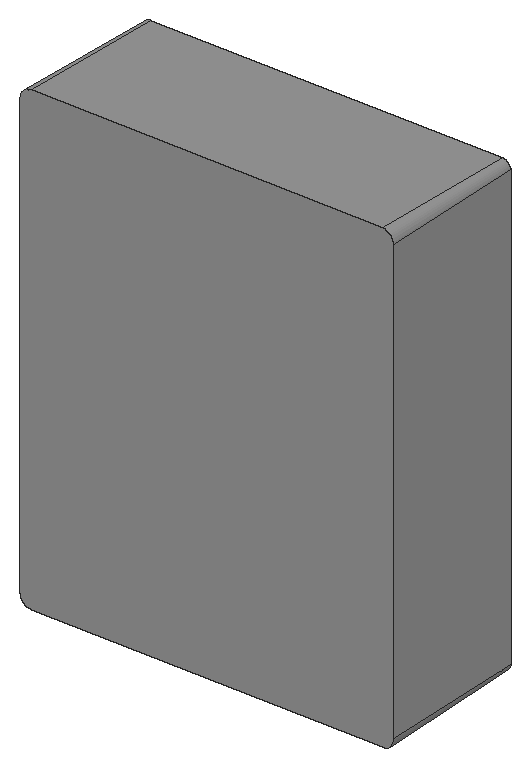
Revit family "L&L_LUCE&LIGHT_PASITO_MINI_1.2", category Lighting Fixtures, host Wall, Revit 2018 (continued)
Types (2, lengths in cm): name | Photometric Web File | built-in parameter 1150142
  PASITO_MINI_1.2 – Asymmetrical 90°x150° | "PASITO MINI 1.2 AT 150°x90° [2700K 5W 24Vdc] cor-ten.IES" | "IESNA:LM-63-2002\r\n[TEST] PASITO 20181005-0815.LDT\r\n[TESTLAB] L&L\r\n[TESTDATE] 5 Oct 2018\r\n[ISSUEDATE] 5 Oct 2018\r\n[MANUFAC] L&L\r\n[LUMCAT] PASITO MINI 1.2 AT 150°x90° [2700K 5W 24Vdc] cor-ten\r\n[LUMINAIRE] PASITO MINI 1.2 AT 150°x90° [2700K 5W 24Vdc] cor-ten\r\n[FLASHAREA] 0.000015\r\n[LAMPCAT] Power LED\r\n[LAMP] Power LED\r\nTILT=NONE\r\n1 144.00 1.0 181 73 1 2 0.002 0.030 0.000\r\n1.00 1.00 5.00\r\n0.00 1.00 2.00 3.00 4.00 5.00 6.00 7.00 8.00 9.00 10.00 \r\n11.00 12.00 13.00 14.00 15.00 16.00 17.00 18.00 19.00 \r\n20.00 21.00 22.00 23.00 24.00 25.00 26.00 27.00 28.00 \r\n29.00 30.00 31.00 32.00 33.00 34.00 35.00 36.00 37.00 \r\n38.00 39.00 40.00 41.00 42.00 43.00 44.00 45.00 46.00 \r\n47.00 48.00 49.00 50.00 51.00 52.00 53.00 54.00 55.00 \r\n56.00 57.00 58.00 59.00 60.00 61.00 62.00 63.00 64.00 \r\n65.00 66.00 67.00 68.00 69.00 70.00 71.00 72.00 73.00 \r\n74.00 75.00 76.00 77.00 78.00 79.00 80.00 81.00 82.00 \r\n83.00 84.00 85.00 86.00 87.00 88.00 89.00 90.00 91.00 \r\n92.00 93.00 94.00 95.00 96.00 97.00 98.00 99.00 100.00 \r\n101.00 102.00 103.00 104.00 105.00 106.00 107.00 108.00 \r\n109.00 110.00 111.00 112.00 113.00 114.00 115.00 116.00 \r\n117.00 118.00 119.00 120.00 121.00 122.00 123.00 124.00 \r\n125.00 126.00 127.00 128.00 129.00 130.00 131.00 132.00 \r\n133.00 134.00 135.00 136.00 137.00 138.00 139.00 140.00 \r\n141.00 142.00 143.00 144.00 145.00 146.00 147.00 148.00 \r\n149.00 150.00 151.00 152.00 153.00 154.00 155.00 156.00 \r\n157.00 158.00 159.00 160.00 161.00 162.00 163.00 164.00 \r\n165.00 166.00 167.00 168.00 169.00 170.00 171.00 172.00 \r\n173.00 174.00 175.00 176.00 177.00 178.00 179.00 180.00 \r\n0.00 5.00 10.00 15.00 20.00 25.00 30.00 35.00 40.00 45.00 \r\n50.00 55.00 60.00 65.00 70.00 75.00 80.00 85.00 90.00 \r\n95.00 100.00 105.00 110.00 115.00 120.00 125.00 130.00 \r\n135.00 140.00 145.00 150.00 155.00 160.00 165.00 170.00 \r\n175.00 180.00 185.00 190.00 195.00 200.00 205.00 210.00 \r\n215.00 220.00 225.00 230.00 235.00 240.00 245.00 250.00 \r\n255.00 260.00 265.00 270.00 275.00 280.00 285.00 290.00 \r\n295.00 300.00 305.00 310.00 315.00 320.00 325.00 330.00 \r\n335.00 340.00 345.00 350.00 355.00 360.00 \r\n0.00 0.00 0.00 0.00 0.00 0.00 0.00 0.00 0.00 0.00 0.00 \r\n0.00 0.00 0.00 0.00 0.00 0.00 0.00 0.00 0.00 0.00 0.00 \r\n0.00 0.00 0.00 0.00 0.00 0.00 0.00 0.00 0.00 0.00 0.00 \r\n0.00 0.00 0.00 0.00 0.00 0.00 0.00 0.00 0.00 0.00 0.00 \r\n0.00 0.00 0.00 0.00 0.00 0.00 0.00 0.00 0.00 0.00 0.00 \r\n0.00 0.00 0.00 0.00 0.00 0.00 0.00 0.00 0.00 0.00 0.00 \r\n0.00 0.00 0.00 0.00 0.00 0.00 0.00 0.00 0.00 0.00 0.00 \r\n0.00 0.00 0.00 0.00 0.00 0.00 0.00 0.00 0.00 0.01 0.01 \r\n0.01 0.01 0.01 0.01 0.01 0.01 0.01 0.01 0.01 0.01 0.01 \r\n0.01 0.01 0.01 0.01 0.01 0.01 0.01 0.01 0.01 0.00 0.00 \r\n0.00 0.00 0.00 0.00 0.00 0.00 0.00 0.00 0.00 0.00 0.00 \r\n0.00 0.00 0.00 0.00 0.00 0.00 0.00 0.00 0.00 0.00 0.00 \r\n0.00 0.00 0.00 0.00 0.00 0.00 0.00 0.00 0.00 0.00 0.00 \r\n0.00 0.00 0.00 0.00 0.00 0.00 0.00 0.00 0.00 0.00 0.00 \r\n0.00 0.00 0.00 0.00 0.00 0.00 0.00 0.00 0.00 0.00 0.00 \r\n0.00 0.00 0.00 0.00 0.00 0.00 0.00 0.00 0.00 0.00 0.00 \r\n0.00 0.00 0.00 0.00 0.00 \r\n0.00 0.00 0.00 0.00 0.00 0.00 0.00 0.00 0.00 0.00 0.00 \r\n0.00 0.00 0.00 0.00 0.00 0.00 0.00 0.00 0.00 0.00 0.00 \r\n0.00 0.00 0.00 0.00 0.00 0.00 0.00 0.00 0.00 0.00 0.00 \r\n0.00 0.00 0.00 0.00 0.00 0.00 0.00 0.00 0.00 0.00 0.00 \r\n0.00 0.00 0.00 0.00 0.00 0.00 0.00 0.00 0.00 0.00 0.00 \r\n0.00 0.00 0.00 0.00 0.00 0.00 0.00 0.00 0.00 0.00 0.00 \r\n0.00 0.00 0.00 0.00 0.00 0.00 0.00 0.00 0.00 0.00 0.00 \r\n0.00 0.00 0.00 0.00 0.00 0.00 0.00 0.00 0.00 0.00 0.00 \r\n0.00 0.00 0.00 0.00 0.00 0.00 0.00 0.00 0.00 0.00 0.00 \r\n0.00 0.00 0.00 0.00 0.00 0.00 0.00 0.00 0.00 0.00 0.00 \r\n0.00 0.00 0.00 0.00 0.00 0.00 0.00 0.00 0.00 0.00 0.00 \r\n0.00 0.00 0.00 0.00 0.00 0.00 0.00 0.00 0.00 0.00 0.00 \r\n0.00 0.00 0.00 0.00 0.00 0.00 0.00 0.00 0.00 0.00 0.00 \r\n0.00 0.00 0.00 0.00 0.00 0.00 0.00 0.00 0.00 0.00 0.00 \r\n0.00 0.00 0.00 0.00 0.00 0.00 0.00 0.00 0.00 0.00 0.00 \r\n0.00 0.00 0.00 0.00 0.00 0.00 0.00 0.00 0.00 0.00 0.00 \r\n0.00 0.00 0.00 0.00 0.00 \r\n0.00 0.00 0.00 0.00 0.00 0.00 0.00 0.00 0.00 0.00 0.00 \r\n0.00 0.00 0.00 0.00 0.00 0.00 0.00 0.00 0.00 0.00 0.00 \r\n0.00 0.00 0.00 0.00 0.00 0.00 0.00 0.00 0.00 0.00 0.00 \r\n0.00 0.00 0.00 0.00 0.00 0.00 0.00 0.00 0.00 0.00 0.00 \r\n0.00 0.00 0.00 0.00 0.00 0.00 0.00 0.00 0.00 0.00 0.00 \r\n0.00 0.00 0.00 0.00 0.00 0.00 0.00 0.00 0.00 0.00 0.00 \r\n0.00 0.00 0.00 0.00 0.00 0.00 0.00 0.00 0.00 0.00 0.00 \r\n0.00 0.00 0.00 0.00 0.00 0.00 0.00 0.00 0.00 0.00 0.00 \r\n0.00 0.00 0.00 0.00 0.00 0.00 0.00 0.00 0.00 0.00 0.00 \r\n0.00 0.00 0.00 0.00 0.00 0.00 0.00 0.00 0.00 0.00 0.00 \r\n0.00 0.00 0.00 0.00 0.00 0.00 0.00 0.00 0.00 0.00 0.00 \r\n0.00 0.00 0.00 0.00 0.00 0.00 0.00 0.00 0.00 0.00 0.00 \r\n0.00 0.00 0.00 0.00 0.00 0.00 0.00 0.00 0.00 0.00 0.00 \r\n0.00 0.00 0.00 0.00 0.00 0.00 0.00 0.00 0.00 0.00 0.00 \r\n0.00 0.00 0.00 0.00 0.00 0.00 0.00 0.00 0.00 0.00 0.00 \r\n0.00 0.00 0.00 0.00 0.00 0.00 0.00 0.00 0.00 0.00 0.00 \r\n0.00 0.00 0.00 0.00 0.00 \r\n0.00 0.00 0.00 0.00 0.00 0.00 0.00 0.00 0.00 0.00 0.00 \r\n0.00 0.00 0.00 0.00 0.00 0.00 0.00 0.00 0.00 0.00 0.00 \r\n0.00 0.00 0.00 0.00 0.00 0.00 0.00 0.00 0.00 0.00 0.00 \r\n0.00 0.00 0.00 0.00 0.00 0.00 0.00 0.00 0.00 0.00 0.00 \r\n0.00 0.00 0.00 0.00 0.00 0.00 0.00 0.00 0.00 0.00 0.00 \r\n0.00 0.00 0.00 0.00 0.00 0.00 0.00 0.00 0.00 0.00 0.00 \r\n0.00 0.00 0.00 0.00 0.00 0.00 0.00 0.00 0.00 0.00 0.00 \r\n0.00 0.00 0.00 0.00 0.00 0.00 0.00 0.00 0.00 0.00 0.00 \r\n0.00 0.00 0.00 0.00 0.00 0.00 0.00 0.00 0.00 0.00 0.00 \r\n0.00 0.00 0.00 0.00 0.00 0.00 0.00 0.00 0.00 0.00 0.00 \r\n0.00 0.00 0.00 0.00 0.00 0.00 0.00 0.00 0.00 0.00 0.00 \r\n0.00 0.00 0.00 0.00 0.00 0.00 0.00 0.00 0.00 0.00 0.00 \r\n0.00 0.00 0.00 0.00 0.00 0.00 0.00 0.00 0.00 0.00 0.00 \r\n0.00 0.00 0.00 0.00 0.00 0.00 0.00 0.00 0.00 0.00 0.00 \r\n0.00 0.00 0.00 0.00 0.00 0.00 0.00 0.00 0.00 0.00 0.00 \r\n0.00 0.00 0.00 0.00 0.00 0.00 0.00 0.00 0.00 0.00 0.00 \r\n0.00 0.00 0.00 0.00 0.00 \r\n0.00 0.00 0.00 0.00 0.00 0.00 0.00 0.00 0.00 0.00 0.00 \r\n0.00 0.00 0.00 0.00 0.00 0.00 0.00 0.00 0.00 0.00 0.00 \r\n0.00 0.00 0.00 0.00 0.00 0.00 0.00 0.00 0.00 0.00 0.00 \r\n0.00 0.00 0.00 0.00 0.00 0.00 0.00 0.00 0.00 0.00 0.00 \r\n0.00 0.00 0.00 0.00 0.00 0.00 0.00 0.00 0.00 0.00 0.00 \r\n0.00 0.00 0.00 0.00 0.00 0.00 0.00 0.00 0.00 0.00 0.00 \r\n0.00 0.00 0.00 0.00 0.00 0.00 0.00 0.00 0.00 0.00 0.00 \r\n0.00 0.00 0.00 0.00 0.00 0.00 0.00 0.00 0.00 0.00 0.00 \r\n0.00 0.00 0.00 0.00 0.00 0.00 0.00 0.00 0.00 0.00 0.00 \r\n0.00 0.00 0.00 0.00 0.00 0.00 0.00 0.00 0.00 0.00 0.00 \r\n0.00 0.00 0.00 0.00 0.00 0.00 0.00 0.00 0.00 0.00 0.00 \r\n0.00 0.00 0.00 0.00 0.00 0.00 0.00 0.00 0.00 0.00 0.00 \r\n0.00 0.00 0.00 0.00 0.00 0.00 0.00 0.00 0.00 0.00 0.00 \r\n0.00 0.00 0.00 0.00 0.00 0.00 0.00 0.00 0.00 0.00 0.00 \r\n0.00 0.00 0.00 0.00 0.00 0.00 0.00 0.00 0.00 0.00 0.00 \r\n0.00 0.00 0.00 0.00 0.00 0.00 0.00 0.00 0.00 0.00 0.00 \r\n0.00 0.00 0.00 0.00 0.00 \r\n0.00 0.00 0.00 0.00 0.00 0.00 0.00 0.00 0.00 0.00 0.00 \r\n0.00 0.00 0.00 0.00 0.00 0.00 0.00 0.00 0.00 0.00 0.00 \r\n0.00 0.00 0.00 0.00 0.00 0.00 0.00 0.00 0.00 0.00 0.00 \r\n0.00 0.00 0.00 0.00 0.00 0.00 0.00 0.00 0.00 0.00 0.00 \r\n0.00 0.00 0.00 0.00 0.00 0.00 0.00 0.00 0.00 0.00 0.00 \r\n0.00 0.00 0.00 0.00 0.00 0.00 0.00 0.00 0.00 0.00 0.00 \r\n0.00 0.00 0.00 0.00 0.00 0.00 0.00 0.00 0.00 0.00 0.00 \r\n0.00 0.00 0.00 0.00 0.00 0.00 0.00 0.00 0.00 0.00 0.00 \r\n0.00 0.00 0.00 0.00 0.00 0.00 0.00 0.00 0.00 0.00 0.00 \r\n0.00 0.00 0.00 0.00 0.00 0.00 0.00 0.00 0.00 0.00 0.00 \r\n0.00 0.00 0.00 0.00 0.00 0.00 0.00 0.00 0.00 0.00 0.00 \r\n0.00 0.00 0.00 0.00 0.00 0.00 0.00 0.00 0.00 0.00 0.00 \r\n0.00 0.00 0.00 0.00 0.00 0.00 0.00 0.00 0.00 0.00 0.00 \r\n0.00 0.00 0.00 0.00 0.00 0.00 0.00 0.00 0.00 0.00 0.00 \r\n0.00 0.00 0.00 0.00 0.00 0.00 0.00 0.00 0.00 0.00 0.00 \r\n0.00 0.00 0.00 0.00 0.00 0.00 0.00 0.00 0.00 0.00 0.00 \r\n0.00 0.00 0.00 0.00 0.00 \r\n0.00 0.00 0.00 0.00 0.00 0.00 0.00 0.00 0.00 0.00 0.00 \r\n0.00 0.00 0.00 0.00 0.00 0.00 0.00 0.00 0.00 0.00 0.00 \r\n0.00 0.00 0.00 0.00 0.00 0.00 0.00 0.00 0.00 0.00 0.00 \r\n0.00 0.00 0.00 0.00 0.00 0.00 0.00 0.00 0.00 0.00 0.00 \r\n0.00 0.00 0.00 0.00 0.00 0.00 0.00 0.00 0.00 0.00 0.00 \r\n0.00 0.00 0.00 0.00 0.00 0.00 0.00 0.00 0.00 0.00 0.00 \r\n0.00 0.00 0.00 0.00 0.00 0.00 0.00 0.00 0.00 0.00 0.00 \r\n0.00 0.00 0.00 0.00 0.00 0.00 0.00 0.00 0.00 0.00 0.00 \r\n0.00 0.00 0.00 0.00 0.00 0.00 0.00 0.00 0.00 0.00 0.00 \r\n0.00 0.00 0.00 0.00 0.00 0.00 0.00 0.00 0.00 0.00 0.00 \r\n0.00 0.00 0.00 0.00 0.00 0.00 0.00 0.00 0.00 0.00 0.00 \r\n0.00 0.00 0.00 0.00 0.00 0.00 0.00 0.00 0.00 0.00 0.00 \r\n0.00 0.00 0.00 0.00 0.00 0.00 0.00 0.00 0.00 0.00 0.00 \r\n0.00 0.00 0.00 0.00 0.00 0.00 0.00 0.00 0.00 0.00 0.00 \r\n0.00 0.00 0.00 0.00 0.00 0.00 0.00 0.00 0.00 0.00 0.00 \r\n0.00 0.00 0.00 0.00 0.00 0.00 0.00 0.00 0.00 0.00 0.00 \r\n0.00 0.00 0.00 0.00 0.00 \r\n0.00 0.00 0.00 0.00 0.00 0.00 0.00 0.00 0.00 0.00 0.00 \r\n0.00 0.00 0.00 0.00 0.00 0.00 0.00 0.00 0.00 0.00 0.00 \r\n0.00 0.00 0.00 0.00 0.00 0.00 0.00 0.00 0.00 0.00 0.00 \r\n0.00 0.00 0.00 0.00 0.00 0.00 0.00 0.00 0.00 0.00 0.00 \r\n0.00 0.00 0.00 0.00 0.00 0.00 0.00 0.00 0.00 0.00 0.00 \r\n0.00 0.00 0.00 0.00 0.00 0.00 0.00 0.00 0.00 0.00 0.00 \r\n0.00 0.00 0.00 0.00 0.00 0.00 0.00 0.00 0.00 0.00 0.00 \r\n0.00 0.00 0.00 0.00 0.00 0.00 0.00 0.00 0.00 0.00 0.00 \r\n0.00 0.00 0.00 0.00 0.00 0.00 0.00 0.00 0.00 0.00 0.00 \r\n0.00 0.00 0.00 0.00 0.00 0.00 0.00 0.00 0.00 0.00 0.00 \r\n0.00 0.00 0.00 0.00 0.00 0.00 0.00 0.00 0.00 0.00 0.00 \r\n0.00 0.00 0.00 0.00 0.00 0.00 0.00 0.00 0.00 0.00 0.00 \r\n0.00 0.00 0.00 0.00 0.00 0.00 0.00 0.00 0.00 0.00 0.00 \r\n0.00 0.00 0.00 0.00 0.00 0.00 0.00 0.00 0.00 0.00 0.00 \r\n0.00 0.00 0.00 0.00 0.00 0.00 0.00 0.00 0.00 0.00 0.00 \r\n0.00 0.00 0.00 0.00 0.00 0.00 0.00 0.00 0.00 0.00 0.00 \r\n0.00 0.00 0.00 0.00 0.00 \r\n0.00 0.00 0.00 0.00 0.00 0.00 0.00 0.00 0.00 0.00 0.00 \r\n0.00 0.00 0.00 0.00 0.00 0.00 0.00 0.00 0.00 0.00 0.00 \r\n0.00 0.00 0.00 0.00 0.00 0.00 0.00 0.00 0.00 0.00 0.00 \r\n0.00 0.00 0.00 0.00 0.00 0.00 0.00 0.00 0.00 0.00 0.00 \r\n0.00 0.00 0.00 0.00 0.00 0.00 0.00 0.00 0.00 0.00 0.00 \r\n0.00 0.00 0.00 0.00 0.00 0.00 0.00 0.00 0.00 0.00 0.00 \r\n0.00 0.00 0.00 0.00 0.00 0.00 0.00 0.00 0.00 0.00 0.00 \r\n0.00 0.00 0.00 0.00 0.00 0.00 0.00 0.00 0.00 0.00 0.00 \r\n0.00 0.00 0.00 0.00 0.00 0.00 0.00 0.00 0.00 0.00 0.00 \r\n0.00 0.00 0.00 0.00 0.00 0.00 0.00 0.00 0.00 0.00 0.00 \r\n0.00 0.00 0.00 0.00 0.00 0.00 0.00 0.00 0.00 0.00 0.00 \r\n0.00 0.00 0.00 0.00 0.00 0.00 0.00 0.00 0.00 0.00 0.00 \r\n0.00 0.00 0.00 0.00 0.00 0.00 0.00 0.00 0.00 0.00 0.00 \r\n0.00 0.00 0.00 0.00 0.00 0.00 0.00 0.00 0.00 0.00 0.00 \r\n0.00 0.00 0.00 0.00 0.00 0.00 0.00 0.00 0.00 0.00 0.00 \r\n0.00 0.00 0.00 0.00 0.00 0.00 0.00 0.00 0.00 0.00 0.00 \r\n0.00 0.00 0.00 0.00 0.00 \r\n0.00 0.00 0.00 0.00 0.00 0.00 0.00 0.00 0.00 0.00 0.00 \r\n0.00 0.00 0.00 0.00 0.00 0.00 0.00 0.00 0.00 0.00 0.00 \r\n0.00 0.00 0.00 0.00 0.00 0.00 0.00 0.00 0.00 0.00 0.00 \r\n0.00 0.00 0.00 0.00 0.00 0.00 0.00 0.00 0.00 0.00 0.00 \r\n0.00 0.00 0.00 0.00 0.00 0.00 0.00 0.00 0.00 0.00 0.00 \r\n0.00 0.00 0.00 0.00 0.00 0.00 0.00 0.00 0.00 0.00 0.00 \r\n0.00 0.00 0.00 0.00 0.00 0.00 0.00 0.00 0.00 0.00 0.00 \r\n0.00 0.00 0.00 0.00 0.00 0.00 0.00 0.00 0.00 0.00 0.00 \r\n0.00 0.00 0.00 0.00 0.00 0.00 0.00 0.00 0.00 0.00 0.00 \r\n0.00 0.00 0.00 0.00 0.00 0.00 0.00 0.00 0.00 0.00 0.00 \r\n0.00 0.00 0.00 0.00 0.00 0.00 0.00 0.00 0.00 0.00 0.00 \r\n0.00 0.00 0.00 0.00 0.00 0.00 0.00 0.00 0.00 0.00 0.00 \r\n0.00 0.00 0.00 0.00 0.00 0.00 0.00 0.00 0.00 0.00 0.00 \r\n0.00 0.00 0.00 0.00 0.00 0.00 0.00 0.00 0.00 0.00 0.00 \r\n0.00 0.00 0.00 0.00 0.00 0.00 0.00 0.00 0.00 0.00 0.00 \r\n0.00 0.00 0.00 0.00 0.00 0.00 0.00 0.00 0.00 0.00 0.00 \r\n0.00 0.00 0.00 0.00 0.00 \r\n0.00 0.00 0.00 0.00 0.00 0.00 0.00 0.00 0.00 0.00 0.00 \r\n0.00 0.00 0.00 0.00 0.00 0.00 0.00 0.00 0.00 0.00 0.00 \r\n0.00 0.00 0.00 0.00 0.00 0.00 0.00 0.00 0.00 0.00 0.00 \r\n0.00 0.00 0.00 0.00 0.00 0.00 0.00 0.00 0.00 0.00 0.00 \r\n0.00 0.00 0.00 0.00 0.00 0.00 0.00 0.00 0.00 0.00 0.00 \r\n0.00 0.00 0.00 0.00 0.00 0.00 0.00 0.00 0.00 0.00 0.00 \r\n0.00 0.00 0.00 0.00 0.00 0.00 0.00 0.00 0.00 0.00 0.00 \r\n0.00 0.00 0.00 0.00 0.00 0.00 0.00 0.00 0.00 0.00 0.00 \r\n0.00 0.00 0.00 0.00 0.00 0.00 0.00 0.00 0.00 0.00 0.00 \r\n0.00 0.00 0.00 0.00 0.00 0.00 0.00 0.00 0.00 0.00 0.00 \r\n0.00 0.00 0.00 0.00 0.00 0.00 0.00 0.00 0.00 0.00 0.00 \r\n0.00 0.00 0.00 0.00 0.00 0.00 0.00 0.00 0.00 0.00 0.00 \r\n0.00 0.00 0.00 0.00 0.00 0.00 0.00 0.00 0.00 0.00 0.00 \r\n0.00 0.00 0.00 0.00 0.00 0.00 0.00 0.00 0.00 0.00 0.00 \r\n0.00 0.00 0.00 0.00 0.00 0.00 0.00 0.00 0.00 0.00 0.00 \r\n0.00 0.00 0.00 0.00 0.00 0.00 0.00 0.00 0.00 0.00 0.00 \r\n0.00 0.00 0.00 0.00 0.00 \r\n0.00 0.00 0.00 0.00 0.00 0.00 0.00 0.00 0.00 0.00 0.00 \r\n0.00 0.00 0.00 0.00 0.00 0.00 0.00 0.00 0.00 0.00 0.00 \r\n0.00 0.00 0.00 0.00 0.00 0.00 0.00 0.00 0.00 0.00 0.00 \r\n0.00 0.00 0.00 0.00 0.00 0.00 0.00 0.00 0.00 0.00 0.00 \r\n0.00 0.00 0.00 0.00 0.00 0.00 0.00 0.00 0.00 0.00 0.00 \r\n0.00 0.00 0.00 0.00 0.00 0.00 0.00 0.00 0.00 0.00 0.00 \r\n0.00 0.00 0.00 0.00 0.00 0.00 0.00 0.00 0.00 0.00 0.00 \r\n0.00 0.00 0.00 0.00 0.00 0.00 0.00 0.00 0.00 0.00 0.00 \r\n0.00 0.00 0.00 0.00 0.00 0.00 0.00 0.00 0.00 0.00 0.00 \r\n0.00 0.00 0.00 0.00 0.00 0.00 0.00 0.00 0.00 0.00 0.00 \r\n0.00 0.00 0.00 0.00 0.00 0.00 0.00 0.00 0.00 0.00 0.00 \r\n0.00 0.00 0.00 0.00 0.00 0.00 0.00 0.00 0.00 0.00 0.00 \r\n0.00 0.00 0.00 0.00 0.00 0.00 0.00 0.00 0.00 0.00 0.00 \r\n0.00 0.00 0.00 0.00 0.00 0.00 0.00 0.00 0.00 0.00 0.00 \r\n0.00 0.00 0.00 0.00 0.00 0.00 0.00 0.00 0.00 0.00 0.00 \r\n0.00 0.00 0.00 0.00 0.00 0.00 0.00 0.00 0.00 0.00 0.00 \r\n0.00 0.00 0.00 0.00 0.00 \r\n0.00 0.00 0.00 0.00 0.00 0.00 0.00 0.00 0.00 0.00 0.00 \r\n0.00 0.00 0.00 0.00 0.00 0.00 0.00 0.00 0.00 0.00 0.00 \r\n0.00 0.00 0.00 0.00 0.00 0.00 0.00 0.00 0.00 0.00 0.00 \r\n0.00 0.00 0.00 0.00 0.00 0.00 0.00 0.00 0.00 0.00 0.00 \r\n0.00 0.00 0.00 0.00 0.00 0.00 0.00 0.00 0.00 0.00 0.00 \r\n0.00 0.00 0.00 0.00 0.00 0.00 0.00 0.00 0.00 0.00 0.00 \r\n0.00 0.00 0.00 0.00 0.00 0.00 0.00 0.00 0.00 0.00 0.00 \r\n0.00 0.00 0.00 0.00 0.00 0.00 0.00 0.00 0.00 0.00 0.00 \r\n0.00 0.00 0.00 0.00 0.00 0.00 0.00 0.00 0.00 0.00 0.00 \r\n0.00 0.00 0.00 0.00 0.00 0.00 0.00 0.00 0.00 0.00 0.00 \r\n0.00 0.00 0.00 0.00 0.00 0.00 0.00 0.00 0.00 0.00 0.00 \r\n0.00 0.00 0.00 0.00 0.00 0.00 0.00 0.00 0.00 0.00 0.00 \r\n0.00 0.00 0.00 0.00 0.00 0.00 0.00 0.00 0.00 0.00 0.00 \r\n0.00 0.00 0.00 0.00 0.00 0.00 0.00 0.00 0.00 0.00 0.00 \r\n0.00 0.00 0.00 0.00 0.00 0.00 0.00 0.00 0.00 0.00 0.00 \r\n0.00 0.00 0.00 0.00 0.00 0.00 0.00 0.00 0.00 0.00 0.00 \r\n0.00 0.00 0.00 0.00 0.00 \r\n0.00 0.00 0.00 0.00 0.00 0.00 0.00 0.00 0.00 0.00 0.00 \r\n0.00 0.00 0.00 0.00 0.00 0.00 0.00 0.00 0.00 0.00 0.00 \r\n0.00 0.00 0.00 0.00 0.00 0.00 0.00 0.00 0.00 0.00 0.00 \r\n0.00 0.00 0.00 0.00 0.00 0.00 0.00 0.00 0.00 0.00 0.00 \r\n0.00 0.00 0.00 0.00 0.00 0.00 0.00 0.00 0.00 0.00 0.00 \r\n0.00 0.00 0.00 0.00 0.00 0.00 0.00 0.00 0.00 0.00 0.00 \r\n0.00 0.00 0.00 0.00 0.00 0.00 0.00 0.00 0.00 0.00 0.00 \r\n0.00 0.00 0.00 0.00 0.00 0.00 0.00 0.00 0.00 0.00 0.00 \r\n0.00 0.00 0.00 0.00 0.00 0.00 0.00 0.00 0.00 0.00 0.00 \r\n0.00 0.00 0.00 0.00 0.00 0.00 0.00 0.00 0.00 0.00 0.00 \r\n0.00 0.00 0.00 0.00 0.00 0.00 0.00 0.00 0.00 0.00 0.00 \r\n0.00 0.00 0.00 0.00 0.00 0.00 0.00 0.00 0.00 0.00 0.00 \r\n0.00 0.00 0.00 0.00 0.00 0.00 0.00 0.00 0.00 0.00 0.00 \r\n0.00 0.00 0.00 0.00 0.00 0.00 0.00 0.00 0.00 0.00 0.00 \r\n0.00 0.00 0.00 0.00 0.00 0.00 0.00 0.00 0.00 0.00 0.00 \r\n0.00 0.00 0.00 0.00 0.00 0.00 0.00 0.00 0.00 0.00 0.00 \r\n0.00 0.00 0.00 0.00 0.00 \r\n0.00 0.00 0.00 0.00 0.00 0.00 0.00 0.00 0.00 0.00 0.00 \r\n0.00 0.00 0.00 0.00 0.00 0.00 0.00 0.00 0.00 0.00 0.00 \r\n0.00 0.00 0.00 0.00 0.00 0.00 0.00 0.00 0.00 0.00 0.00 \r\n0.00 0.00 0.00 0.00 0.00 0.00 0.00 0.00 0.00 0.00 0.00 \r\n0.00 0.00 0.00 0.00 0.00 0.00 0.00 0.00 0.00 0.00 0.00 \r\n0.00 0.00 0.00 0.00 0.00 0.00 0.00 0.00 0.00 0.00 0.00 \r\n0.00 0.00 0.00 0.00 0.00 0.00 0.00 0.00 0.00 0.00 0.00 \r\n0.00 0.00 0.00 0.00 0.00 0.00 0.00 0.00 0.00 0.00 0.00 \r\n0.00 0.00 0.00 0.00 0.00 0.00 0.00 0.00 0.00 0.00 0.00 \r\n0.00 0.00 0.00 0.00 0.00 0.00 0.00 
